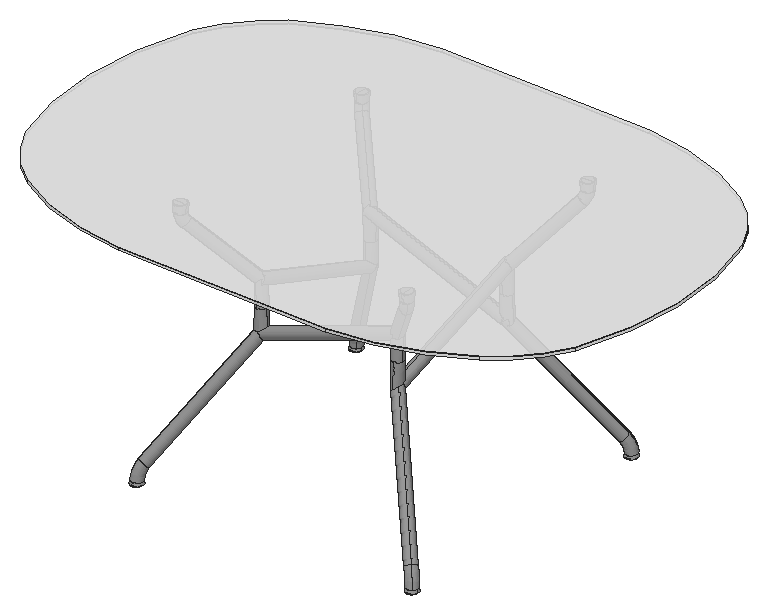
Revit family "Haworth_Cappellini_Branch_Table_Rectangle_AP_PRELIMINARY", category Furniture, Revit 2019
Family settings
  OmniClass Number = 23.40.70.14.64.21
  OmniClass Title = Systems Furniture
  Work Plane-Based = No
  Always vertical = Yes
  Cut with Voids When Loaded = No
  Shared = No
  Room Calculation Point = No
Parameters (values of type "Rectangle")
  Warranty = "http://www.haworth.com/resources/product-info/warranties"
  URL - Product = "https://www.haworth.com/ap/en/products/meeting-tables/branch.html?_br_psugg_q=branch"
  Top Finish [instance] = Haworth _ Glass _ Frosted
  Model = "BR_5XX"  # constant formula
  URL = "https://www.haworth.com/ap/en.html"
  Size = "Verify Final Dim. w/ Haworth"  # constant formula
  Revision Number = "1"  # constant formula
  Manufacturer = "Haworth"  # constant formula
  Description = "Haworth - Cappellini - Branch - Table - 1700w x 1200d"  # constant formula
  Base Finish [instance] = Haworth _ Polymer _ Undecided
  Author = "Haworth (Hampton, Abd Rahman)"  # constant formula
  Assembly Code = "E2020200"
  Actual Width = 1700 mm  # constant formula
  Actual Height = 730 mm  # constant formula
  Table Thickness = 10 mm  # constant formula
  Actual Depth = 1200 mm  # constant formula
Reference planes
  plane 1 "Center F/B": y = -4.03
  plane 2 "Floor": z = 0
  plane 3 "Center L/R": x = 0
  plane 4 "Table Edge Left": x = -850
  plane 5 "Table Edge Right": x = 850
  plane 6 "Table Edge Front": y = -604.03
  plane 7 "Table Edge Back": y = 595.97
  plane 8 "Table Bottom": z = 730
  plane 9: z = 720
Forms (mm)
  Extrusion 1, solid, material "Haworth _ Glass _ Frosted" <- "Top Finish"
    sketch origin (0, 0, 0) x (1, 0, 0) y (0, 1, 0)
      loop
        arc (300.911, 583.65) -> (-0.005, 599.038) -> (-300.92, 583.649) r 2949.93
        arc (-300.92, 583.649) -> (-485.592, 548.102) -> (-656.083, 468.727) r 767.77
        arc (-656.083, 468.727) -> (-738.838, 393.657) -> (-798.067, 298.917) r 407.092
        arc (-798.067, 298.917) -> (-852.48, -4.03) -> (-798.067, -306.977) r 870.549
        arc (-798.067, -306.977) -> (-738.838, -401.717) -> (-656.083, -476.787) r 407.092
        arc (-656.083, -476.787) -> (-485.654, -556.352) -> (-300.92, -591.709) r 761.376
        arc (-300.92, -591.709) -> (0, -607.098) -> (300.92, -591.709) r 2949.963
        arc (300.92, -591.709) -> (485.654, -556.352) -> (656.083, -476.787) r 761.376
        arc (656.083, -476.787) -> (738.67, -402.268) -> (798.067, -308.216) r 408.107
        arc (798.067, -308.216) -> (852.912, -4.03) -> (798.067, 300.156) r 870.981
        arc (798.067, 300.156) -> (739.104, 394.132) -> (656.983, 468.727) r 407.6
        arc (656.983, 468.727) -> (486.086, 548.307) -> (300.911, 583.65) r 764.543
    from 730 to 720
Lines and regions (mm)
  Masking region 1
    outline origin (0, 0, 0) x (1, 0, 0) y (0, 1, 0)
      loop
        arc (656.983, 468.727) -> (486.086, 548.307) -> (300.911, 583.65) r 764.543
        arc (300.911, 583.65) -> (-0.005, 599.038) -> (-300.92, 583.649) r 2949.93
        arc (-300.92, 583.649) -> (-485.592, 548.102) -> (-656.083, 468.727) r 767.77
        arc (-656.083, 468.727) -> (-738.838, 393.657) -> (-798.067, 298.917) r 407.092
        arc (-798.067, 298.917) -> (-852.48, -4.03) -> (-798.067, -306.977) r 870.549
        arc (-798.067, -306.977) -> (-738.838, -401.717) -> (-656.083, -476.787) r 407.092
        arc (-656.083, -476.787) -> (-485.654, -556.352) -> (-300.92, -591.709) r 761.376
        arc (-300.92, -591.709) -> (0, -607.098) -> (300.92, -591.709) r 2949.963
        arc (300.92, -591.709) -> (485.654, -556.352) -> (656.083, -476.787) r 761.376
        arc (656.083, -476.787) -> (738.67, -402.268) -> (798.067, -308.216) r 408.107
        arc (798.067, -308.216) -> (852.912, -4.03) -> (798.067, 300.156) r 870.981
        arc (798.067, 300.156) -> (739.104, 394.132) -> (656.983, 468.727) r 407.6
Dimensions and locks
  "Actual Depth": plane 7 "Table Edge Back" to plane 6 "Table Edge Front"
  "Actual Width": plane 4 "Table Edge Left" to plane 5 "Table Edge Right"
  equal spacing: plane 4 "Table Edge Left", plane 3 "Center L/R", plane 5 "Table Edge Right"
  equal spacing: plane 7 "Table Edge Back", plane 1 "Center F/B", plane 6 "Table Edge Front"
  "Actual Height": plane 8 "Table Bottom" to level
  "Table Thickness": plane 8 "Table Bottom" to plane 9
  aligned and locked: plane 3 "Center L/R" to nested 1
  aligned and locked: plane 1 "Center F/B" to nested 1
  aligned and locked: plane 8 "Table Bottom" to Extrusion 1
  aligned and locked: Extrusion 1 to plane 9
Automatic sketch dimensions
  Extrusion 1 sketch curve to plane 7 "Table Edge Back" = 12.321 mm
  Extrusion 1 sketch curve to plane 3 "Center L/R" = 300.92 mm  (x2)
  Extrusion 1 sketch curve to plane 3 "Center L/R" = 0.002 mm
  plane 3 "Center L/R" to Extrusion 1 sketch curve = 251.257 mm
  Extrusion 1 sketch curve to plane 7 "Table Edge Back" = 12.32 mm
  Extrusion 1 sketch curve to plane 7 "Table Edge Back" = 127.243 mm  (x2)
  Extrusion 1 sketch curve to Extrusion 1 sketch curve = 356.072 mm
  Extrusion 1 sketch curve to plane 6 "Table Edge Front" = 1746.863 mm
  Extrusion 1 sketch curve to plane 1 "Center F/B" = 136.557 mm  (x2)
  Extrusion 1 sketch curve to Extrusion 1 sketch curve = 175.275 mm  (x4)
  Extrusion 1 sketch curve to plane 5 "Table Edge Right" = 51.933 mm  (x2)
  Extrusion 1 sketch curve to plane 1 "Center F/B" = 0 mm  (x2)
  Extrusion 1 sketch curve to plane 3 "Center L/R" = 18.069 mm
  plane 6 "Table Edge Front" to Extrusion 1 sketch curve = 127.243 mm
  Extrusion 1 sketch curve to plane 5 "Table Edge Right" = 193.917 mm
  plane 6 "Table Edge Front" to Extrusion 1 sketch curve = 12.321 mm
  plane 3 "Center L/R" to Extrusion 1 sketch curve = 300.92 mm
  plane 3 "Center L/R" to Extrusion 1 sketch curve = 0 mm
  plane 7 "Table Edge Back" to Extrusion 1 sketch curve = 1746.895 mm
  plane 4 "Table Edge Left" to Extrusion 1 sketch curve = 193.917 mm  (x2)
  Extrusion 1 sketch curve to plane 3 "Center L/R" = 251.257 mm
  Extrusion 1 sketch curve to Extrusion 1 sketch curve = 114.922 mm
  plane 4 "Table Edge Left" to Extrusion 1 sketch curve = 51.933 mm  (x2)
  plane 1 "Center F/B" to Extrusion 1 sketch curve = 136.557 mm
  plane 3 "Center L/R" to Extrusion 1 sketch curve = 18.069 mm
  plane 1 "Center F/B" to Extrusion 1 sketch curve = 178.349 mm
  plane 3 "Center L/R" to Masking region 1 sketch curve = 251.257 mm
  Masking region 1 sketch curve to plane 7 "Table Edge Back" = 12.32 mm
  plane 3 "Center L/R" to Masking region 1 sketch curve = 300.911 mm
  Masking region 1 sketch curve to plane 1 "Center F/B" = 136.557 mm  (x2)
  Masking region 1 sketch curve to Masking region 1 sketch curve = 175.275 mm  (x4)
  Masking region 1 sketch curve to plane 7 "Table Edge Back" = 127.243 mm  (x2)
  Masking region 1 sketch curve to Masking region 1 sketch curve = 356.072 mm
  Masking region 1 sketch curve to plane 5 "Table Edge Right" = 51.933 mm  (x2)
  plane 1 "Center F/B" to Masking region 1 sketch curve = 0 mm  (x2)
  Masking region 1 sketch curve to plane 3 "Center L/R" = 18.069 mm
  plane 6 "Table Edge Front" to Masking region 1 sketch curve = 127.243 mm
  Masking region 1 sketch curve to plane 5 "Table Edge Right" = 193.917 mm
  plane 6 "Table Edge Front" to Masking region 1 sketch curve = 12.321 mm
  plane 3 "Center L/R" to Masking region 1 sketch curve = 300.92 mm
  Masking region 1 sketch curve to plane 3 "Center L/R" = 300.92 mm  (x2)
  Masking region 1 sketch curve to plane 3 "Center L/R" = 0 mm
  plane 7 "Table Edge Back" to Masking region 1 sketch curve = 1746.895 mm
  plane 4 "Table Edge Left" to Masking region 1 sketch curve = 193.917 mm  (x2)
  Masking region 1 sketch curve to plane 3 "Center L/R" = 251.257 mm
  Masking region 1 sketch curve to Masking region 1 sketch curve = 114.922 mm
  plane 4 "Table Edge Left" to Masking region 1 sketch curve = 51.933 mm  (x2)
  plane 1 "Center F/B" to Masking region 1 sketch curve = 136.557 mm
  plane 3 "Center L/R" to Masking region 1 sketch curve = 18.069 mm
  Masking region 1 sketch curve to plane 7 "Table Edge Back" = 12.321 mm
  plane 1 "Center F/B" to Masking region 1 sketch curve = 178.349 mm
  Masking region 1 sketch curve to plane 6 "Table Edge Front" = 1746.863 mm
Nested families
  nested 1: "Haworth_Branch-Table-Leg4-Part" at (0, 0, 0), type "Base"
Definition of nested family "Haworth_Branch-Table-Leg4-Part"
  Parameters
    Warranty = "http://haworthcollection.com/hc/about-us/certifications-warranties"
    Sustainability Info = "www.haworth.com/en-us/About-Us/Sustainability/Pages/Vision.aspx"
    Support Location Offset = 197.941 mm  # constant formula
    Support Finish = none
    Product Page URL = "http://haworthcollection.com/hc/products/tables-conference/branch"
    Model = "Haworth_Branch-Table-Leg4-Part"  # constant formula
    URL = "http://haworthcollection.com/"
    Support Height = 723.9 mm  # constant formula
    Size = "Verify Final Dim. w/ Haworth"  # constant formula
    Revision Number = "1"  # constant formula
    Manufacturer = "Haworth"  # constant formula
    Description = "Haworth_Branch-Table-Leg4-Part"
    Author = "Haworth (Hampton)"  # constant formula
    Assembly Code = "E2020200"
    Actual Width = 1600.2 mm  # constant formula
    Actual Height = 730.25 mm  # constant formula
    Actual Depth = Actual Width  # 1600.2 mm
  Reference planes
    plane 1 "Center F/B": y = -4.03
    plane 2 "Floor": z = 0
    plane 3 "Center L/R": x = 0
    plane 4 "Table Edge Left": x = -800.1
    plane 5 "Table Edge Right": x = 800.1
    plane 6 "Table Edge Back": y = -803.121
    plane 7 "Table Edge Front": y = 797.079
    plane 8 "Table Bottom": z = 730.25
    plane 9 "Diagonal LR": through (0, -4.03, 1219.2) normal (-0.7071, 0.7071, 0)
    plane 10 "Diagonal RL": through (0, -4.03, 1219.2) normal (-0.7071, -0.7071, 0)
    plane 11 "Support Back": y = 193.911
    plane 12 "Support Front": y = -201.971
    plane 13 "Support Left": x = -197.941
    plane 14 "Support Right": x = 197.941
  Dimensions and locks
    "Actual Depth": plane 7 "Table Edge Front" to plane 6 "Table Edge Back"
    "Actual Width": plane 4 "Table Edge Left" to plane 5 "Table Edge Right"
    equal spacing: plane 4 "Table Edge Left", plane 3 "Center L/R", plane 5 "Table Edge Right"
    plane 7 "Table Edge Front" to plane 1 "Center F/B" to plane 6 "Table Edge Back" = 801.109 mm, 799.091 mm
    "Actual Height": plane 8 "Table Bottom" to level
    "Support Location Offset": plane 13 "Support Left" to plane 3 "Center L/R"
    "Support Location Offset": plane 3 "Center L/R" to plane 14 "Support Right"
    "Support Location Offset": plane 11 "Support Back" to plane 1 "Center F/B"
    "Support Location Offset": plane 12 "Support Front" to plane 1 "Center F/B"
    aligned and locked: nested 1 to plane 14 "Support Right"
    aligned and locked: nested 2 to plane 12 "Support Front"
    aligned and locked: nested 2 to plane 14 "Support Right"
    aligned and locked: plane 14 "Support Right" to nested 3
    aligned and locked: plane 11 "Support Back" to nested 3
    aligned and locked: nested 4 to plane 13 "Support Left"
    aligned and locked: plane 12 "Support Front" to nested 4
  Nested families
    nested 1: "Haworth_Branch-Table-Leg-Part" at (-197.925, -197.941, 0), type "Haworth_Branch-Table-Leg-Part"
    nested 2: "Haworth_Branch-Table-Leg-Part" at (193.911, -201.971, 0) x (0, 1, 0) z (0, 0, 1), type "Haworth_Branch-Table-Leg-Part"
    nested 3: "Haworth_Branch-Table-Leg-Part" at (197.941, 189.882, 0) x (-1, 0, 0) z (0, 0, 1), type "Haworth_Branch-Table-Leg-Part"
    nested 4: "Haworth_Branch-Table-Leg-Part" at (-193.911, 193.895, 0) x (0, -1, 0) z (0, 0, 1), type "Haworth_Branch-Table-Leg-Part"
  Definition of nested family "Haworth_Branch-Table-Leg-Part"
    Parameters
      Warranty = "http://haworthcollection.com/hc/about-us/certifications-warranties"
      Support Location_Front_Back = 70.644 mm  # constant formula
      Support Location Offset = 146.05 mm  # constant formula
      Support Finish = none
      Model = "Haworth_Branch-Table-Leg-Part"  # constant formula
      URL = "http://haworthcollection.com/"
      Support Height = 443.508 mm  # constant formula
      Size = "Verify Final Dim. w/ Haworth"  # constant formula
      Revision Number = "1"  # constant formula
      Standard Height = "29 in."  # constant formula
      Manufacturer = "Haworth"  # constant formula
      Description = "Haworth_Branch-Table-Leg-Part"
      Author = "Haworth (Hampton)"  # constant formula
      Assembly Code = "E2020200"
      Actual Width = 726.678 mm  # constant formula
      Actual Height = 723.999 mm  # constant formula
      Actual Depth = 201.414 mm  # constant formula
    Reference planes
      plane 1 "Center F/B": y = -4.03
      plane 2 "Floor": z = 0
      plane 3 "Support Left Middle": x = 0
      plane 4 "Left Bottom": y = -205.444
      plane 5 "Right Bottom": y = -134.8
      plane 6 "Support Right Middle": x = 395.866
      plane 7 "Table Top Bottom": z = 723.999
      plane 8 "Support Middle Attach": z = 443.508
      plane 9 "Support Left Bottom": x = -200.21
      plane 10 "Support Right Top": x = 526.468
      plane 11 "Bottom Angel": through (0, -4.03, 1219.2) normal (0.7092, -0.705, 0)
      plane 12 "Top Angel": through (395.866, -4.03, 1219.2) normal (0.7076, 0.7067, 0)
      plane 13 "Support Left Middle Bottom": z = 365.998
      plane 14 "Support Right Middle Top": z = 520.062
    Forms (mm)
      Revolve 1, solid, material <- "Support Finish"
        sketch origin (-200.21, 0, 0) x (0, 1, 0) y (0, 0, 1)
          loop
            line (-205.444, 0) -> (-205.444, 10) -> (-218.111, 10) -> (-219.214, 9.228) -> (-222.703, 0.592) -> (-222.11, 0) -> (-205.444, 0)
          axis (-205.444, 10) -> (-205.444, 0)
        angle from 0 to 360
      Revolve 2, solid, material <- "Support Finish"
        sketch origin (526.468, 0, 0) x (0, 1, 0) y (0, 0, 1)
          loop
            line (-134.8, 723.999) -> (-151.474, 723.999) -> (-152.937, 722.536) -> (-151.013, 700.546) -> (-150.582, 699.8) -> (-134.8, 699.8) -> (-134.8, 723.999)
          axis (-134.8, 723.999) -> (-134.8, 699.8)
        angle from 0 to 360
      Sweep 3, solid, material <- "Support Finish"
        path origin (2.015, -2.003, 0) x (0.704983, 0.709224, 0) y (0, 0, 1)
          loop
            line (0.572, 379.12) -> (-269.132, 53.782)
            arc (-269.132, 53.782) -> (-281.384, 33.265) -> (-286.848, 10) r 77.977
        profile origin (-92.65, -97.238, 216.451) x (0.542739, 0.546004, -0.638212) y (0.709224, -0.704983, 0)
          loop
            circle (0, 0) r 15.875
      Sweep 4, solid, material <- "Support Finish"
        path origin (196.17, 195.92, 0) x (-0.706657, 0.707556, 0) y (0, 0, 1)
          loop
            line (-282.118, 512.195) -> (-455.18, 673.578)
            arc (-455.18, 673.578) -> (-463.788, 685.5) -> (-467.218, 699.8) r 37.95
        profile origin (456.678, -64.92, 592.886) x (0.481939, -0.482552, -0.731354) y (0.707556, 0.706657, 0)
          loop
            circle (0, 0) r 15.875
      Sweep 5, solid, material <- "Support Finish"
        path origin (0, -4.03, 0) x (1, 0, 0) y (0, 0, 1)
          loop
            line (3.024, 374.596) -> (403.644, 517.814)
        profile origin (203.334, -4.03, 446.205) x (-0.336626, 0, 0.941638) y (0, -1, 0)
          loop
            circle (0, 0) r 15.875
      Blend 6, solid, material <- "Support Finish"
        base sketch origin (0, 0, 365.998) x (-1, 0, 0) y (0, -1, 0)
          loop
            spline (19.05, 4.03) -> (18.401, 7.317) -> (16.498, 10.38) -> (13.47, 13.01) -> (9.525, 15.028) -> (4.931, 16.297) -> (0, 16.73) -> (-4.931, 16.297) -> (-9.525, 15.028) -> (-13.47, 13.01) -> (-16.498, 10.38) -> (-18.401, 7.317) -> (-19.05, 4.03)
            spline (-19.05, 4.03) -> (-18.401, 0.743) -> (-16.498, -2.32) -> (-13.47, -4.95) -> (-9.525, -6.969) -> (-4.931, -8.237) -> (0, -8.67) -> (4.931, -8.237) -> (9.525, -6.969) -> (13.47, -4.95) -> (16.498, -2.32) -> (18.401, 0.743) -> (19.05, 4.03)
        top sketch origin (0, 0, 365.998) x (-1, 0, 0) y (0, -1, 0)
          loop
            circle (0, 4.03) r 15.875
        from 0 to 77.51
      Blend 7, solid, material <- "Support Finish"
        base sketch origin (0, 0, 0) x (1, 0, 0) y (0, 1, 0)
          loop
            circle (395.866, -4.03) r 15.875
        top sketch origin (0, 0, 0) x (1, 0, 0) y (0, 1, 0)
          loop
            spline (414.916, -4.03) -> (414.267, -0.743) -> (412.364, 2.32) -> (409.336, 4.95) -> (405.391, 6.969) -> (400.796, 8.237) -> (395.866, 8.67) -> (390.935, 8.237) -> (386.341, 6.969) -> (382.396, 4.95) -> (379.368, 2.32) -> (377.465, -0.743) -> (376.816, -4.03)
            spline (376.816, -4.03) -> (377.465, -7.317) -> (379.368, -10.38) -> (382.396, -13.01) -> (386.341, -15.028) -> (390.935, -16.297) -> (395.866, -16.73) -> (400.796, -16.297) -> (405.391, -15.028) -> (409.336, -13.01) -> (412.364, -10.38) -> (414.267, -7.317) -> (414.916, -4.03)
        from 443.508 to 520.062
    Cuts and joins
      joined: Sweep 3, Sweep 4, Sweep 5, Blend 6, Blend 7
    Lines and regions (mm)
      symbolic lines, detail levels medium+fine
        curve 1: spline (-211.366, -216.668, 365.998) -> (-213.9, -213.389, 365.998) -> (-215.501, -209.568, 365.998) -> (-216.059, -205.466, 365.998) -> (-215.538, -201.363, 365.998) -> (-213.971, -197.537, 365.998) -> (-211.467, -194.25, 365.998) -> (-208.195, -191.726, 365.998) -> (-204.379, -190.137, 365.998) -> (-200.279, -189.591, 365.998) -> (-196.174, -190.125, 365.998) -> (-192.343, -191.702, 365.998) -> (-189.049, -194.216, 365.998)
        curve 2: spline (-189.049, -194.216, 365.998) -> (-186.515, -197.495, 365.998) -> (-184.915, -201.316, 365.998) -> (-184.356, -205.418, 365.998) -> (-184.878, -209.521, 365.998) -> (-186.444, -213.347, 365.998) -> (-188.949, -216.634, 365.998) -> (-192.221, -219.158, 365.998) -> (-196.037, -220.747, 365.998) -> (-200.137, -221.294, 365.998) -> (-204.242, -220.76, 365.998) -> (-208.072, -219.182, 365.998) -> (-211.366, -216.668, 365.998)
        curve 3: arc (15.875, -4.03, 365.998) -> (0, 11.845, 365.998) -> (-15.875, -4.03, 365.998) r 15.875
        curve 4: arc (-15.875, -4.03, 365.998) -> (0, -19.905, 365.998) -> (15.875, -4.03, 365.998) r 15.875
        curve 5: arc (379.991, -4.03, 365.998) -> (395.866, 11.845, 365.998) -> (411.741, -4.03, 365.998) r 15.875
        curve 6: arc (411.741, -4.03, 365.998) -> (395.866, -19.905, 365.998) -> (379.991, -4.03, 365.998) r 15.875
        curve 7: arc (526.468, -151.474, 365.998) -> (509.795, -134.8, 365.998) -> (526.468, -118.127, 365.998) r 16.673
        curve 8: arc (526.468, -118.127, 365.998) -> (543.142, -134.8, 365.998) -> (526.468, -151.474, 365.998) r 16.673
        curve 9: line (515.033, -146.935, 365.998) -> (384.48, -15.092, 365.998)
        curve 10: line (408.044, 6.154, 365.998) -> (538.921, -123.712, 365.998)
        curve 11: line (395.866, 11.845, 365.998) -> (0, 11.845, 365.998)
        curve 12: line (0, -19.905, 365.998) -> (395.866, -19.905, 365.998)
        curve 13: line (11.467, -15.008, 365.998) -> (-189.688, -217.262, 365.998)
        curve 14: line (-211.465, -194.249, 365.998) -> (-10.475, 7.899, 365.998)
    Dimensions and locks
      "Actual Depth": plane 1 "Center F/B" to plane 4 "Left Bottom"
      "Support Location_Front_Back": plane 5 "Right Bottom" to plane 4 "Left Bottom"
      "Support Height": plane 8 "Support Middle Attach" to level
      "Actual Height": plane 7 "Table Top Bottom" to level
      "Actual Width": plane 10 "Support Right Top" to plane 9 "Support Left Bottom"
      Blend 7 sketch curve to Blend 7 sketch curve = 19.05 mm
      radius of Blend 6 sketch curve = 15.875 mm
      aligned and locked: Revolve 1 sketch curve to plane 4 "Left Bottom"
      aligned and locked: Revolve 2 sketch curve to plane 5 "Right Bottom"
      aligned and locked: plane 8 "Support Middle Attach" to Blend 6
      aligned and locked: Blend 6 to plane 13 "Support Left Middle Bottom"
      aligned and locked: Blend 7 to plane 14 "Support Right Middle Top"
      aligned and locked: Blend 7 to plane 8 "Support Middle Attach"
    Automatic sketch dimensions
      Revolve 1 sketch curve to level = 0 mm
      Revolve 1 sketch curve to plane 4 "Left Bottom" = 0 mm
      Revolve 1 sketch curve to Revolve 1 sketch curve = 12.667 mm
      Revolve 1 sketch curve to Revolve 1 sketch curve = 1.102 mm
      Revolve 1 sketch curve to Revolve 1 sketch curve = 2.896 mm
      level to Revolve 1 sketch curve = 0.592 mm
      Revolve 1 sketch curve to Revolve 1 sketch curve = 0.592 mm
      Revolve 1 sketch curve to level = 304.8 mm
      level to Revolve 1 sketch curve = 9.228 mm
      Revolve 1 sketch curve to Revolve 1 sketch curve = 10 mm
      plane 7 "Table Top Bottom" to Revolve 1 sketch curve = 1714.401 mm
      Revolve 2 sketch curve to plane 5 "Right Bottom" = 0 mm
      Revolve 2 sketch curve to plane 7 "Table Top Bottom" = 0 mm
      Revolve 2 sketch curve to Revolve 2 sketch curve = 15.782 mm
      Revolve 2 sketch curve to Revolve 2 sketch curve = 0.431 mm
      Revolve 2 sketch curve to Revolve 2 sketch curve = 16.673 mm
      Revolve 2 sketch curve to plane 7 "Table Top Bottom" = 1.463 mm
      Revolve 2 sketch curve to Revolve 2 sketch curve = 1.463 mm
      Revolve 2 sketch curve to Revolve 2 sketch curve = 21.991 mm
      Revolve 2 sketch curve to Revolve 2 sketch curve = 0.746 mm
      Revolve 2 sketch curve to level = 304.8 mm
      Revolve 2 sketch curve to Revolve 2 sketch curve = 1714.401 mm
      level to Sweep 3 sketch curve = 10 mm
      Sweep 3 sketch curve to Sweep 3 sketch curve = 17.716 mm
      level to Sweep 3 sketch curve = 53.782 mm
      level to Sweep 3 sketch curve = 4.016 mm
      Sweep 3 sketch curve to plane 8 "Support Middle Attach" = 64.388 mm
      Sweep 3 sketch curve to Sweep 3 sketch curve = 269.704 mm
      Sweep 3 sketch curve to plane 11 "Bottom Angel" = 0 mm
      Sweep 3 sketch curve to profile plane = 0 mm
      Sweep 4 sketch curve to plane 7 "Table Top Bottom" = 24.2 mm
      Sweep 4 sketch curve to Sweep 4 sketch curve = 12.037 mm
      Sweep 4 sketch curve to plane 7 "Table Top Bottom" = 50.421 mm
      Sweep 4 sketch curve to Sweep 4 sketch curve = 25.882 mm
      plane 8 "Support Middle Attach" to Sweep 4 sketch curve = 68.687 mm
      Sweep 4 sketch curve to Sweep 4 sketch curve = 173.062 mm
      Sweep 4 sketch curve to plane 12 "Top Angel" = 0 mm
      Sweep 4 sketch curve to profile plane = 0 mm
      plane 1 "Center F/B" to Sweep 5 sketch curve = 0 mm
      Sweep 5 sketch curve to profile plane = 0 mm
      plane 3 "Support Left Middle" to Sweep 5 sketch curve = 3.024 mm
      plane 6 "Support Right Middle" to Sweep 5 sketch curve = 7.778 mm
      Sweep 5 sketch curve to plane 8 "Support Middle Attach" = 68.911 mm
      plane 8 "Support Middle Attach" to Sweep 5 sketch curve = 74.306 mm
      plane 1 "Center F/B" to Blend 6 sketch curve = 0 mm  (x2)
      Blend 6 sketch curve to plane 3 "Support Left Middle" = 0 mm  (x2)
      Blend 6 sketch curve to Blend 6 sketch curve = 19.05 mm
      plane 1 "Center F/B" to Blend 7 sketch curve = 0 mm  (x2)
      Blend 7 sketch curve to plane 6 "Support Right Middle" = 0 mm  (x2)
      curve 7 to plane 5 "Right Bottom" = 0 mm
      curve 7 to plane 10 "Support Right Top" = 0 mm
      plane 1 "Center F/B" to curve 6 = 0 mm
      curve 12 to plane 6 "Support Right Middle" = 0 mm
      curve 6 to plane 6 "Support Right Middle" = 0 mm
      curve 11 to plane 6 "Support Right Middle" = 0 mm
      curve 11 to plane 3 "Support Left Middle" = 0 mm
      curve 12 to plane 3 "Support Left Middle" = 0 mm
      curve 3 to plane 3 "Support Left Middle" = 0 mm
      plane 11 "Bottom Angel" to curve 1 = 0 mm
      plane 10 "Support Right Top" to curve 10 = 12.452 mm
      curve 9 to plane 10 "Support Right Top" = 11.435 mm
      curve 10 to plane 1 "Center F/B" = 10.183 mm
      plane 1 "Center F/B" to curve 9 = 11.062 mm
      plane 1 "Center F/B" to curve 13 = 10.978 mm
      curve 14 to plane 3 "Support Left Middle" = 10.475 mm
      plane 9 "Support Left Bottom" to curve 1 = 11.161 mm
      plane 9 "Support Left Bottom" to curve 13 = 10.522 mm
      plane 9 "Support Left Bottom" to curve 2 = 0.002 mm
      curve 14 to plane 9 "Support Left Bottom" = 11.256 mm
      curve 14 to curve 1 = 0.001 mm
      curve 2 to curve 1 = 0 mm
      curve 11 to curve 14 = 3.946 mm
      plane 5 "Right Bottom" to curve 8 = 16.673 mm
      curve 13 to plane 4 "Left Bottom" = 11.818 mm
      radius of Sweep 3 sketch curve = 15.875 mm
      radius of Sweep 4 sketch curve = 15.875 mm
      radius of Sweep 5 sketch curve = 15.875 mm
      radius of Blend 7 sketch curve = 15.875 mm
